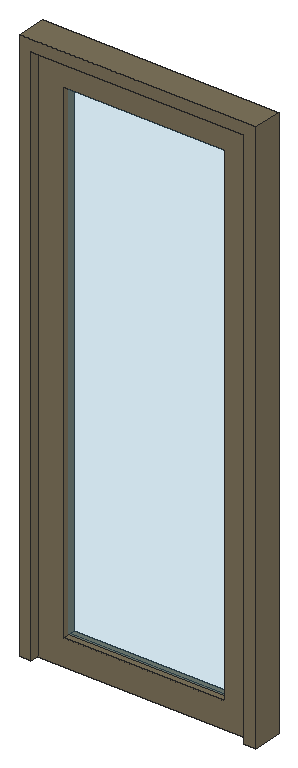
Revit family "DSP_A3-Kal-Aluminium-900x2125", category Doors, host Wall, Revit 2016
Family settings
  Host = Wall
  Always vertical = Yes
  Cut with Voids When Loaded = No
  Shared = No
  Room Calculation Point = No
Parameters (values of type "EXT DOOR")
  Rough Width = Width - Frame Width - Frame Width  # 813 mm
  Rough Height = Height - 93 mm  # 2032 mm
  Panel Width = 40 mm
  PANEL MATERIAL = none
  Material Frame = Default TIMBER FRAME
  Material Door = HORIZONTAL SLATTED
  Inset = 110 mm
  Height = 2125 mm
  Wall Closure = By host
  Width = 900 mm
  Function = Interior
  Frame Width = 43.5 mm
  Frame Size = 110 mm
  Description = "STANDARD ALUMINIUM DOOR WITH SAFETY GLASS"
  Assembly Code = ""
Types (3, lengths in mm): name | Rough Width | Rough Height | Height | Width | Description
  EXT DOOR | 813 | 2032 | 2125 | 900 | "STANDARD ALUMINIUM DOOR WITH SAFETY GLASS"
  EXT DOOR 680X2465 | 593 | 2372 | 2465 | 680 | "STANDARD ALUMINIUM DOOR WITH SAFETY GLASS"
  EXT DOOR 2 | 813 | 2032 | 2125 | 900 | "813x2032 INTERNAL DOOR TO DEVELOPERS SPEC."
Reference planes
  plane 1 "Center line": y = -1.083
  plane 2 "Center (Left/Right)": x = -32
  plane 3 "Left": x = -482
  plane 4 "Right": x = 418
  plane 5: z = 2125
  plane 6 "Exterior": y = 108.917
  plane 7 "Interior": y = -111.083
  plane 8: x = -438.5
  plane 9: x = 374.5
  plane 10: z = 2081.5
  plane 11: y = 53.917
  plane 12: y = -56.083
  plane 13: z = 5
  plane 14: z = 1065
  plane 15: x = -338.5
  plane 16: x = 274.5
  plane 17: z = 1981.5
  plane 18: z = 100
  plane 19: x = -388.5
Forms (mm)
  Sweep 1, solid, material "Default ALUMINIUM FRAME"
    path origin (0, -1.083, 0) x (1, 0, 0) y (0, 0, 1)
      loop
        line (418, 0) -> (418, 2125) -> (-482, 2125) -> (-482, 0)
    profile origin (0, 0, 1062.5) x (-1, 0, 0) y (0, -1, 0)
      loop
        line (-418, 56.083) -> (-418, -53.917) -> (-374.5, -53.917) -> (-374.5, 56.083) -> (-418, 56.083)
  Extrusion 2, solid, material "Default ALUMINIUM FRAME"
    sketch origin (0, -1.083, 0) x (1, 0, 0) y (0, 0, 1)
      loop
        line (374.5, 0) -> (374.5, 2081.5) -> (-438.5, 2081.5) -> (-438.5, 0) -> (374.5, 0)
      loop
        line (-338.5, 1981.5) -> (-338.5, 100) -> (274.5, 100) -> (274.5, 1981.5) -> (-338.5, 1981.5)
    from -25 to 25
  Extrusion 3, solid, material "Glass"
    sketch origin (0, -26.083, 0) x (1, 0, 0) y (0, 0, 1)
      loop
        line (-338.5, 1981.5) -> (-338.5, 100) -> (274.5, 100) -> (274.5, 1981.5) -> (-338.5, 1981.5)
    from -30 to -20
Lines and regions (mm)
  Opening 1
    outline origin (-3050, -111.083, 0) x (1, 0, 0) y (0, 0, 1)
      loop
        line (2568, 0) -> (3468, 0) -> (3468, 2125) -> (2568, 2125) -> (2568, 0)
  symbolic lines, style "Elevation Swing"
    curve 1: line (374.5, 0, 2081.5) -> (-438.5, 0, 1065)
    curve 2: line (-438.5, 0, 1065) -> (374.5, 0, 0)
  reference lines
    curve 3: line (-1375, 3.917, 0) -> (1225, 3.917, 0)
    curve 4: line (1225, -6.083, 0) -> (-1375, -6.083, 0)
  model lines, style "DoorsPanelProjection"
    curve 5: line (-438.5, -56.083, 0) -> (-388.5, -56.083, 0)
    curve 6: line (-438.5, -869.083, 0) -> (-438.5, -56.083, 0)
    curve 7: line (-388.5, -56.083, 0) -> (-388.5, -867.544, 0)
    curve 8: arc (374.5, -56.083, 0) -> (136.378, -630.961, 0) -> (-438.5, -869.083, 0) r 813
Text (mm)
  text "Exterior" at (-2295.016, 1099.543, 0), in view "Ref. Level"
  text "Exterior" at (0, 1615.38, 3698.081), in view "Left"
  text "Exterior" at (0, 1036.032, 3874.932), in view "Right"
Dimensions and locks
  equal spacing: plane 3 "Left", plane 2 "Center (Left/Right)", plane 4 "Right"
  plane 8 to plane 9 = 813 mm
  "Height": plane 5 to host wall
  "Inset": plane 7 "Interior" to plane 1 "Center line"
  "Frame Width": plane 3 "Left" to plane 8
  "Frame Width": plane 9 to plane 4 "Right"
  "Frame Width": plane 10 to plane 5
  equal spacing: plane 12, plane 1 "Center line", plane 11
  "Frame Size": plane 12 to plane 11
  equal spacing: plane 13, plane 14, plane 5
  "Width": plane 3 "Left" to plane 4 "Right"
  locked: plane 10 to plane 17 at 100
  locked: plane 18 to level at 100
  plane 16 to plane 9 = 100 mm
  locked: plane 15 to plane 8 at 100
  locked: plane 1 "Center line" to curve 3 at 5
  locked: curve 4 to plane 1 "Center line" at 5
  locked: plane 8 to plane 19 at 50
  Extrusion 3 to plane 19 to curve 6 = 50 mm, 50 mm
  curve 7 to plane 8 = 50 mm
  aligned and locked: plane 3 "Left" to Opening 1 sketch curve
  aligned and locked: plane 5 to Opening 1 sketch curve  (x2)
  aligned and locked: Opening 1 sketch curve to plane 4 "Right"
  aligned and locked: Opening 1 sketch curve to level
  aligned and locked: plane 7 "Interior" to host wall
  aligned and locked: plane 11 to Sweep 1 sketch curve
  aligned and locked: Sweep 1 sketch curve to plane 12
  aligned and locked: Sweep 1 sketch curve to plane 9
  aligned and locked: plane 6 "Exterior" to host wall
  aligned and locked: plane 15 to Extrusion 2 sketch curve
  aligned and locked: Extrusion 2 sketch curve to plane 17
  aligned and locked: plane 18 to Extrusion 2 sketch curve
  aligned and locked: Extrusion 2 sketch curve to plane 16
  aligned and locked: Extrusion 2 to Extrusion 3 sketch curve
  aligned and locked: Extrusion 3 sketch curve to Extrusion 2  (x3)
  aligned and locked: Extrusion 3 to curve 3
  aligned and locked: Extrusion 3 to curve 4
  aligned and locked: curve 5 to Sweep 1
  aligned and locked: plane 12 to curve 5
  aligned and locked: Sweep 1 to curve 8
Automatic sketch dimensions
  Sweep 1 sketch curve to plane 3 "Left" = 0 mm
  Sweep 1 sketch curve to plane 4 "Right" = 0 mm
  Sweep 1 sketch curve to level = 0 mm  (x2)
  Sweep 1 sketch curve to plane 5 = 0 mm
  Sweep 1 sketch curve to profile plane = 0 mm
  curve 1 to plane 9 = 0 mm
  curve 1 to plane 10 = 0 mm
  curve 2 to plane 14 = 0 mm
  curve 1 to plane 8 = 0 mm
  curve 2 to level = 0 mm
  curve 2 to plane 9 = 0 mm
  Extrusion 2 sketch curve to level = 0 mm
  Extrusion 2 sketch curve to plane 8 = 0 mm
  Extrusion 2 sketch curve to plane 9 = 0 mm
  Extrusion 2 sketch curve to plane 10 = 0 mm
  plane 3 "Left" to curve 4 = 893 mm
  curve 3 to curve 4 = 0 mm  (x2)
  curve 4 to plane 4 "Right" = 807 mm
  curve 8 to plane 12 = 0 mm
